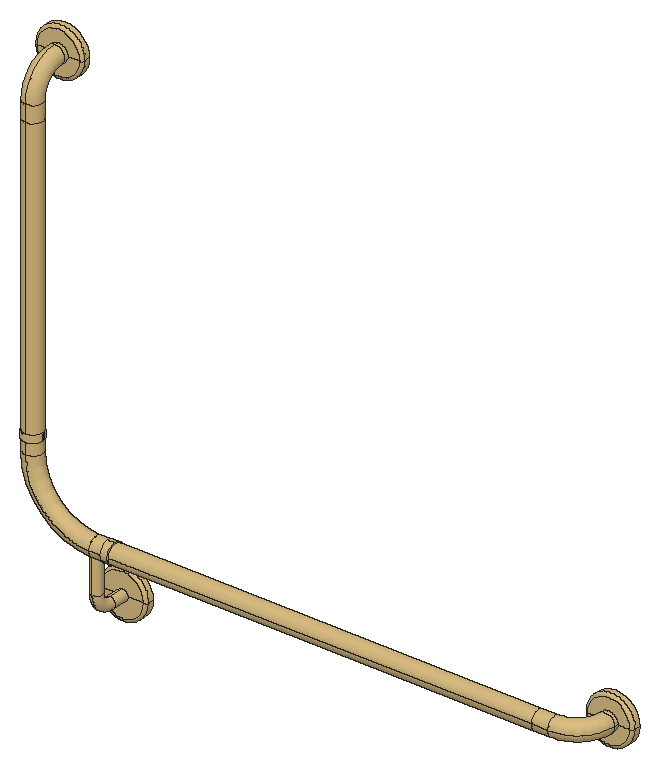
Revit family "RBA4805-911", category Plumbing Fixtures, Revit 2021
Family settings
  Round Connector Dimension = Use Diameter
  Part Type = Normal
  Work Plane-Based = No
  Always vertical = Yes
  Cut with Voids When Loaded = No
  Shared = No
  Room Calculation Point = No
Parameters
  Watermarked By = "www.rba.com.au"
  URL = "www.rba.com.au"
  R_Void [instance] = 15.00 mm
  R [instance] = 0.00 mm
  Phone Number = ""
  Modified Issue = ""
  Model = "RBA4805-911"
  Materials and Finishes = PVD Brushed Brass Stainless Steel
  Manufacturer Model = "B819436"
  Manufacturer = "RBA Group"
  Description = "RTA Brushed Brass Right Hand Single Wall 90° Rail"
  Default Elevation = 0.00 mm
  Copyrighted by = "RBA Group"  # constant formula
  Assembly Code = ""
Reference planes
  plane 1 "Center (Front/Back)": y = 0
  plane 2: z = 0
  plane 3: x = 40.5
  plane 4: x = 990.5
  plane 5: x = 515.5
  plane 6: z = 700
  plane 7: x = 835.5
  plane 8: z = -100
  plane 9: x = 974.5
  plane 10: z = 16
  plane 11: y = -70
  plane 12: y = -86
  plane 13: y = -54
  plane 14: y = -79.5
  plane 15: y = -60.5
  plane 16: z = -30
  plane 17: z = 30
  plane 18: x = 1606.5
  plane 19: x = 1666.5
  plane 20: z = 670
  plane 21: z = 730
  plane 22: x = 716.5
  plane 23: x = 656.5
  plane 24: z = -130
  plane 25: z = -70
  plane 26: x = 766.5
  plane 27: x = 826.5
Forms (mm)
  Extrusion 1, solid, material "PVD Brushed Brass Stainless Steel" <- "Materials and Finishes"
    sketch origin (1636.5, -2.628, 315.907) x (0, 0, -1) y (-1, 0, 0)
      loop
        circle (315.907, 0) r 40
    from -0.219 to 2.628
  Revolve 2, solid, material "PVD Brushed Brass Stainless Steel" <- "Materials and Finishes"
    sketch origin (1636.5, 18.663, 0) x (0, -1, 0) y (1, 0, 0)
      loop
        line (18.663, 0) -> (33.701, 0) -> (32.842, 36.617)
        arc (32.842, 36.617) -> (31.337, 40.077) -> (27.844, 41.5) r 5
        line (27.844, 41.5) -> (18.663, 41.5) -> (18.663, 0)
      axis (18.663, 0) -> (33.701, 0)
    angle from 0 to 360
  Extrusion 3, void
    sketch origin (1636.5, 34.941, 315.907) x (0, 0, -1) y (-1, 0, 0)
      loop
        circle (315.907, 30) r 5
      loop
        circle (315.907, -30) r 5
    from -37.788 to -30
  Sweep 4, solid, material "PVD Brushed Brass Stainless Steel" <- "Materials and Finishes"
    path origin (1636.5, 12.454, 0) x (0, -1, 0) y (-1, 0, 0)
      loop
        line (12.454, 0) -> (34.454, 0)
        arc (34.454, 0) -> (68.395, 14.059) -> (82.454, 48) r 48
        line (82.454, 48) -> (82.454, 76)
    profile origin (1636.5, -11, 0) x (1, 0, 0) y (0, 0, 1)
      loop
        circle (0, 0) r 16
  Extrusion 5, solid, material "PVD Brushed Brass Stainless Steel" <- "Materials and Finishes"
    sketch origin (686.5, -2.628, 1015.907) x (0, 0, -1) y (-1, 0, 0)
      loop
        circle (315.907, 0) r 40
    from -0.219 to 2.628
  Extrusion 6, void
    sketch origin (686.5, 34.941, 1015.907) x (0, 0, -1) y (-1, 0, 0)
      loop
        circle (315.907, -30) r 5
      loop
        circle (315.907, 30) r 5
    from -37.788 to -30
  Sweep 7, solid, material "PVD Brushed Brass Stainless Steel" <- "Materials and Finishes"
    path origin (-13.5, 12.454, 700) x (0, -1, 0) y (0, 0, -1)
      loop
        line (12.454, 0) -> (34.454, 0)
        arc (34.454, 0) -> (68.395, 14.059) -> (82.454, 48) r 48
        line (82.454, 48) -> (82.454, 76)
    profile origin (-13.5, -11, 700) x (0, 0, -1) y (1, 0, 0)
      loop
        circle (0, 700) r 16
  Revolve 8, solid, material "PVD Brushed Brass Stainless Steel" <- "Materials and Finishes"
    sketch origin (686.5, 18.663, 700) x (0, -1, 0) y (1, 0, 0)
      loop
        line (18.663, 0) -> (18.663, -41.5) -> (27.844, -41.5)
        arc (27.844, -41.5) -> (31.337, -40.077) -> (32.842, -36.617) r 5
        line (32.842, -36.617) -> (33.701, 0) -> (18.663, 0)
      axis (18.663, 0) -> (33.701, 0)
    angle from 0 to 360
  Sweep 9, solid, material "PVD Brushed Brass Stainless Steel" <- "Materials and Finishes"
    path origin (1677, 0, 0) x (-1, 0, 0) y (0, 0, -1)
      loop
        line (116.5, 0) -> (880.5, 0)
        arc (880.5, 0) -> (958.282, -32.218) -> (990.5, -110) r 110
        line (990.5, -110) -> (990.5, -624)
    profile origin (1178.5, 0, 0) x (0, 0, -1) y (0, -1, 0)
      loop
        circle (0, 70) r 16
  Extrusion 10, solid, material "PVD Brushed Brass Stainless Steel" <- "Materials and Finishes"
    sketch origin (796.5, -2.628, 215.907) x (0, 0, -1) y (-1, 0, 0)
      loop
        circle (315.907, 0) r 40
    from -0.219 to 2.628
  Revolve 11, solid, material "PVD Brushed Brass Stainless Steel" <- "Materials and Finishes"
    sketch origin (796.5, 18.663, -100) x (0, -1, 0) y (1, 0, 0)
      loop
        line (18.663, 0) -> (33.701, 0) -> (32.842, 36.617)
        arc (32.842, 36.617) -> (31.337, 40.077) -> (27.844, 41.5) r 5
        line (27.844, 41.5) -> (18.663, 41.5) -> (18.663, 0)
      axis (18.663, 0) -> (33.701, 0)
    angle from 0 to 360
  Sweep 12, solid, material "PVD Brushed Brass Stainless Steel" <- "Materials and Finishes"
    path origin (796.5, 12.454, -100) x (0, -1, 0) y (0, 0, 1)
      loop
        line (12.454, 0) -> (54.454, 0)
        arc (54.454, 0) -> (74.253, 8.201) -> (82.454, 28) r 28
        line (82.454, 28) -> (82.454, 100)
    profile origin (796.5, -21, -100) x (0, 0, 1) y (-1, 0, 0)
      loop
        circle (0, 0) r 9.5
  Extrusion 13, void
    sketch origin (796.5, 34.941, 215.907) x (0, 0, -1) y (-1, 0, 0)
      loop
        circle (315.907, 30) r 5
      loop
        circle (315.907, -30) r 5
    from -37.788 to -30
  Extrusion 14, solid, material "PVD Brushed Brass Stainless Steel" <- "Materials and Finishes"
    sketch origin (1677, 0, 0) x (-1, 0, 0) y (0, -1, 0)
      loop
        circle (990.5, 70) r 17
    from 142 to 130
  Extrusion 15, solid, material "PVD Brushed Brass Stainless Steel" <- "Materials and Finishes"
    sketch origin (1026.5, 0, 990.5) x (0, 0, -1) y (0, -1, 0)
      loop
        circle (990.5, 70) r 17
    from 210 to 198
Cuts and joins
  Extrusion 3 cuts Extrusion 1
  Extrusion 6 cuts Extrusion 5
  Extrusion 13 cuts Extrusion 10
  Extrusion 3 cuts Revolve 2
  Extrusion 6 cuts Revolve 8
  Extrusion 13 cuts Revolve 11
  joined: Revolve 2, Sweep 4, Sweep 7, Revolve 8, Sweep 9, Revolve 11, Sweep 12
Dimensions and locks
  level to plane 8 = 100.00 mm
  plane 6 to level = 700.00 mm
  plane 4 to plane 7 = 155.00 mm
  plane 4 to plane 3 = 950.00 mm
  Revolve 2 sketch curve to Revolve 2 sketch curve = 41.50 mm
  plane 17 to plane 16 = 60.00 mm
  plane 18 to plane 19 = 60.00 mm
  plane 21 to plane 20 = 60.00 mm
  plane 23 to plane 22 = 60.00 mm
  Revolve 8 sketch curve to Revolve 8 sketch curve = 41.50 mm
  Revolve 11 sketch curve to Revolve 11 sketch curve = 41.50 mm
  plane 25 to plane 24 = 60.00 mm
  plane 26 to plane 27 = 60.00 mm
  radius of Extrusion 1 sketch curve = 40.00 mm
  radius of Sweep 4 sketch curve = 16.00 mm
  radius of Extrusion 5 sketch curve = 40.00 mm
  radius of Sweep 7 sketch curve = 16.00 mm
  radius of Extrusion 10 sketch curve = 40.00 mm
  radius of Sweep 12 sketch curve = 9.50 mm
  aligned and locked: Revolve 2 to Extrusion 1
  aligned and locked: Revolve 11 to Extrusion 10
